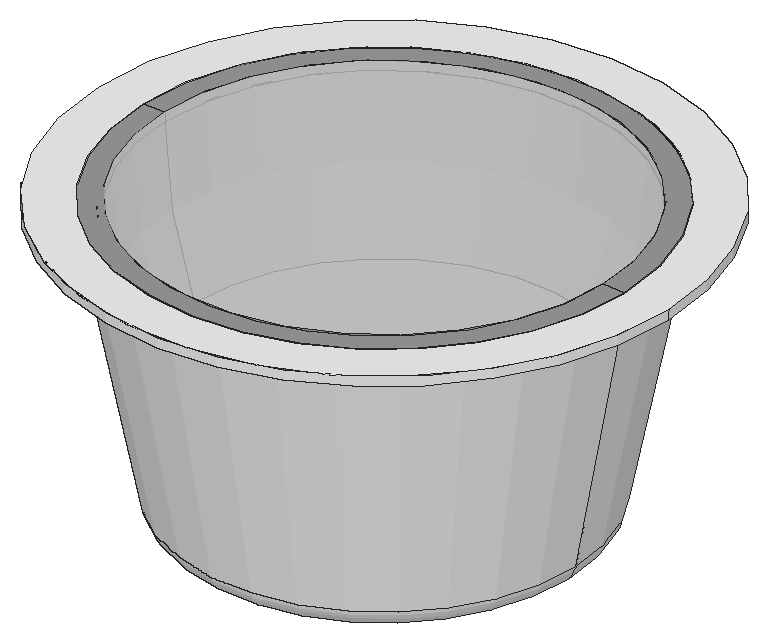
Revit family "2060545 Sylvania Lighting Fixture ASCENT 100 II ARCH 1000 4K STD 160", category Lighting Fixtures, host Face, Revit 2016
Family settings
  Host = Face
  Part Type = Normal
  Round Connector Dimension = Use Diameter
  OmniClass Number = 23.80.70.11.17
  OmniClass Title = Specialized Lighting by Location or Use
  Cut with Voids When Loaded = No
  Light Source = Yes
  Shared = No
  Room Calculation Point = No
Parameters (values of type "2060545 ASCT100 II ARCH 1000 4K STD 160")
  WidthBezelAcc_SYL = 25.0 mm
  Weight = "1.2 kg"
  Wattage = 7 W
  WarrantyStartDate [instance] = "n/a"
  WarrantyGuarantorParts = "n/a"
  WarrantyDurationUnit = "n/a"
  WarrantyDurationParts = "n/a"
  WarrantyDescription = "n/a"
  built-in parameter 1150110 = 1 (stored number, unit not read)
  Voltage = 0 V
  VisibilityAccessory_SYL = no
  TypeName = "ASCENT 100 II ARCH 1000 4K STD 160"
  built-in parameter 1114217 = 1 (stored number, unit not read)
  Tilt Angle = -90°
  built-in parameter 1150109 = 1 (stored number, unit not read)
  built-in parameter 1150134 = 12
  built-in parameter 1150113 = 1 (stored number, unit not read)
  SerialNumber [instance] = "n/a"
  ReflectorRadius_SYL = Radius_SYL - 14.5 mm  # 80.0 mm
  RadiusAcc_SYL = 105.0 mm
  Radius_SYL = 94.5 mm
  URL = "http://www.sylvania-lighting.com"
  PowerFactor = 0
  PowerConsumption = "7 W"
  Photometric Web File = "2060545.ies"
  NominalWidth = 0.0 mm
  NominalLength = 0.0 mm
  NominalHeight = 94.0 mm
  Name = "ASCENT 100 II ARCH 1000 4K STD 160"
  ModelReference = "ASCENT 100 II ARCH 1000 4K STD 160"
  ModelNumber = "2060545"
  Material_4_SYL = none
  Material_3_SYL = Polycarbonate_Sylvania_Ascent_Opal
  Material_2_SYL = Aluminium_Sylvania_Ascent_Silver
  Material_1_SYL = Aluminum_Sylvania_Ascent_White
  Material = "aluminium housing, arcylic diffuser"
  ManufacturerName = "Feilo Sylvania"
  LuminousEfficacy = "144 lm/W"
  built-in parameter 1150105 = 80.214 (stored number, unit not read)
  Lumens = 1008 lm
  LuminaireType = ""
  built-in parameter 1150115 = 1 (stored number, unit not read)
  LightOutputRatio = "100"
  built-in parameter 1150137 = (empty or 0)
  built-in parameter 1150139 = (empty or 0)
  LampsType = Lamp  # "LED"
  LampNominalLuminous = "1009 lm"
  LampMacAdamStep = "3"
  LampColourTemperature = "4000 K"
  LampColourRenderingIndex = "80"
  built-in parameter 1150112 = 1 (stored number, unit not read)
  built-in parameter 1150114 = 1 (stored number, unit not read)
  Keynote = "16500"
  InstallationDate [instance] = "n/a"
  InputVoltage = "n/a"
  InputNominalFrequency = "n/a"
  built-in parameter 1150132 = (empty or 0)
  built-in parameter 1150102 = (empty or 0)
  built-in parameter 1150107 = 4000 (stored number, unit not read)
  built-in parameter 1150138 = (empty or 0)
  IngressProtection = "IP40"
  ImpactProtectionIndex = "IK02"
  built-in parameter 1150106 = 0.80214 (stored number, unit not read)
  IfcExportType = "IfcLightFixtureType"
  IfcExportAs = "IfcLightFixtureType"
  Height_SYL = 94.0 mm
  HeightAcc_SYL = 7.0 mm
  ExpectedLife = 50000
  EmittionSurface_SYL = if(VisibilityAccessory_SYL, 7.0 mm, 3.0 mm)  # 3.0 mm
  Emit from Circle Diameter = DiffuserRadius_SYL * 2  # 146.0 mm
  Emit Shape Visible in Rendering = no
  ElectricShockClassification = "Class II"
  built-in parameter 1150104 = 13.378 (stored number, unit not read)
  DurationUnit = "hours"
  DocumentationLiterature = "http://www.sylvania-lighting.com/product/en-int/products/2060545"
  DimmingControlOptions = "n/a"
  Dimming Lamp Color Temperature Shift = <None>
  DiffuserRadius_SYL = ReflectorRadius_SYL - 7.0 mm  # 73.0 mm
  Diameter_SYL = 2 * Radius_SYL  # 189.0 mm
  CutoutDiameter_SYL = Diameter_SYL - 13.0 mm  # 176.0 mm
  CreatedOn = "9/17/2018"
  CreatedBy = "@sylvania-lighting.com"
  Color Filter = 16777215
  built-in parameter 1114216 [instance] = 1 (stored number, unit not read)
  Model = "ASCENT 100 II ARCH 1000 4K STD 160"
  Manufacturer = "Feilo Sylvania"
  Lamp = "LED"
  Description = "Direct LED retro fit for original LED 100 Arch (160) single CFL lamp offering Matching lumen levels and improved light distribution of original LED 100 CFL lamp equivalents Typically half the power consumption compared to CFL Up to 112lm/W 160mm aperture Architectural reflector accepts range of glass accessories from existing LED 100 Arch 160 offering HE, HO and VHO versions equivalent of single 1 x 18W, 1 x 32W, 1 x 42W\r\n Additional VVHO versions which offer the performance circa 2 x 32W equivalent"  # constant formula
  Default Elevation = 0.0 mm
  built-in parameter 1140040 [instance] = 1
  BarCode [instance] = "n/a"
  built-in parameter 1114218 = 1 (stored number, unit not read)
  built-in parameter 1150133 = 10 (stored number, unit not read)
  AssetType = "Fixed"
  AssetIdentifier [instance] = "n/a"
  Assembly Code = "D5020200"
  Apparent Load = 7 VA
  Aperture_SYL = 2 * ReflectorRadius_SYL  # 160.0 mm
Reference planes
  plane 1 "Center (Front/Back)": y = 0
  plane 2: z = 0
  plane 3 "Center (Left/Right)": x = 0
  plane 4 "Fixture Bottom": z = 3
  plane 5: z = -52.5
  plane 6 "Fixture Top": z = -91
  plane 7: x = -105
  plane 8: z = 7
  plane 9: x = -80
  plane 10: z = 5
  plane 11: x = -103
Forms (mm)
  Extrusion 1, solid, material "Aluminum_Sylvania_Ascent_White", detail levels fine
    sketch origin (0, 0, 0) x (1, 0, 0) y (0, 1, 0)
      loop
        circle (0, 0) r 94.5
      loop
        circle (0, 0) r 80
    from 0 to 3
  Extrusion 2, void
    sketch origin (0, 0, 0) x (1, 0, 0) y (0, 1, 0)
      loop
        circle (0, 0) r 88
    from -91 to 3
  Revolve 3, solid, material "Aluminum_Sylvania_Ascent_White" <- "Material_1_SYL", detail levels fine
    sketch origin (0, 0, 0) x (1, 0, 0) y (0, 0, 1)
      loop
        line (0, -91.073) -> (0, -89.023) -> (-55.468, -89.014)
        arc (-55.468, -89.014) -> (-59.352, -87.613) -> (-61.54, -84.139) r 6.307
        line (-61.54, -84.139) -> (-77.991, -2.844) -> (-77.991, 0) -> (-80, 0) -> (-80, -3) -> (-63.5, -84.536)
        arc (-63.5, -84.536) -> (-60.643, -89.203) -> (-55.5, -91.073) r 8.291
        line (-55.5, -91.073) -> (0, -91.073)
      axis (0, 0) -> (0, -91.073)
    angle from 0 to 360
  Revolve 4, solid, material "Aluminium_Sylvania_Ascent_Silver" <- "Material_2_SYL", detail levels fine
    sketch origin (0, 0, 0) x (1, 0, 0) y (0, 0, 1)
      loop
        line (-80, 3) -> (-80, 0) -> (-75, 0)
        arc (-75, 0) -> (-72.349, -26.77) -> (-64.5, -52.5) r 136.5
        line (-64.5, -52.5) -> (-58, -52.5)
        arc (-58, -52.5) -> (-56.857, -61.521) -> (-53.5, -69.971) r 36.166
        line (-53.5, -69.971) -> (0, -69.971) -> (0, -50.5) -> (-63.16, -50.5)
        arc (-63.16, -50.5) -> (-70.517, -25.725) -> (-73, 0) r 134.5
        line (-73, 0) -> (-73, 3) -> (-80, 3)
      axis (0, 3) -> (0, -69.971)
    angle from 0 to 360
  Extrusion 5, solid, material "Polycarbonate_Sylvania_Ascent_Opal" <- "Material_3_SYL", detail levels fine
    sketch origin (0, 0, 0) x (1, 0, 0) y (0, 1, 0)
      loop
        circle (0, 0) r 73
    from 0 to 3
  Revolve 6, solid, material "Aluminum_Sylvania_Ascent_White" <- "Material_1_SYL", detail levels coarse+medium
    sketch origin (0, 0, 0) x (1, 0, 0) y (0, 0, 1)
      loop
        line (0, -91.073) -> (0, 3) -> (-94.5, 3) -> (-94.5, 0) -> (-79.5, 0) -> (-79.5, -3) -> (-63, -84.536)
        arc (-63, -84.536) -> (-60.143, -89.203) -> (-55, -91.073) r 8.291
        line (-55, -91.073) -> (0, -91.073)
      axis (0, 3) -> (0, -91.073)
    angle from 0 to 360
  Revolve 7, solid, material "Aluminum_Sylvania_Ascent_White" <- "Material_1_SYL", visible <- "VisibilityAccessory_SYL"
    sketch origin (0, 0, 0) x (1, 0, 0) y (0, 0, 1)
      loop
        line (-105, 0) -> (-103, 0) -> (-103, 5) -> (-80, 5) -> (-80, 7) -> (-105, 7) -> (-105, 0)
      axis (0, 7) -> (0, 0)
    angle from 0 to 360
  Revolve 8, solid, material "Polycarbonate_Sylvania_Ascent_Opal" <- "Material_3_SYL", visible <- "VisibilityAccessory_SYL"
    sketch origin (0, 0, 0) x (1, 0, 0) y (0, 0, 1)
      loop
        line (-80, 7) -> (-80, 5) -> (0, 5) -> (0, 7) -> (-80, 7)
      axis (0, 7) -> (0, 5)
    angle from 0 to 360
Lines and regions (mm)
  reference lines
    curve 1: line (-150, 0, 3) -> (125, 0, 3)
Dimensions and locks
  locked: plane 4 "Fixture Bottom" to plane 2 at 3
  "Height_SYL": plane 4 "Fixture Bottom" to plane 6 "Fixture Top"
  "ReflectorRadius_SYL": plane 3 "Center (Left/Right)" to Revolve 4 sketch curve
  locked: Revolve 4 sketch curve to Revolve 4 sketch curve at 15.5
  locked: Revolve 4 sketch curve to Revolve 4 sketch curve at 5
  locked: Revolve 4 sketch curve to Revolve 4 sketch curve at 7
  locked: Revolve 4 sketch curve to Revolve 4 sketch curve at 22
  locked: Revolve 4 sketch curve to Revolve 4 sketch curve at 26.5
  locked: Revolve 3 sketch curve to Revolve 3 sketch curve at 16.5
  locked: Revolve 3 sketch curve to Revolve 3 sketch curve at 24.5
  "ReflectorRadius_SYL": Revolve 3 sketch curve to plane 3 "Center (Left/Right)"
  locked: Revolve 3 sketch curve to plane 6 "Fixture Top" at 6.464
  locked: plane 2 to Revolve 3 sketch curve at 3
  locked: Revolve 3 sketch curve to Revolve 3 sketch curve at 2
  locked: Revolve 3 sketch curve to Revolve 3 sketch curve at 2.009
  locked: plane 2 to plane 5 at 52.5
  locked: Revolve 6 sketch curve to Revolve 6 sketch curve at 31.5
  locked: Revolve 6 sketch curve to Revolve 6 sketch curve at 39.5
  locked: Revolve 6 sketch curve to Revolve 6 sketch curve at 15
  "Radius_SYL": plane 3 "Center (Left/Right)" to Revolve 6 sketch curve
  "RadiusAcc_SYL": plane 3 "Center (Left/Right)" to plane 7
  "HeightAcc_SYL": plane 8 to level
  "WidthBezelAcc_SYL": plane 7 to plane 9
  locked: plane 7 to plane 11 at 2
  locked: plane 8 to plane 10 at 2
  "EmittionSurface_SYL": curve 1 to level
  "CutoutDiameter_SYL": diameter of Extrusion 2 sketch curve
  "ReflectorRadius_SYL": radius of Extrusion 1 sketch curve
  "DiffuserRadius_SYL": radius of Extrusion 5 sketch curve
  "Radius_SYL": radius of Extrusion 1 sketch curve
  aligned and locked: host face to plane 2
  aligned and locked: host face to level
  aligned and locked: plane 4 "Fixture Bottom" to Extrusion 1
  aligned and locked: Extrusion 1 to plane 2
  aligned and locked: Revolve 3 sketch curve to plane 3 "Center (Left/Right)"
  aligned and locked: Revolve 4 sketch curve to plane 3 "Center (Left/Right)"  (x2)
  aligned and locked: plane 4 "Fixture Bottom" to Revolve 4 sketch curve
  aligned and locked: Extrusion 5 to plane 2
  aligned and locked: plane 2 to Revolve 3 sketch curve  (x2)
  aligned and locked: Revolve 6 sketch curve to plane 3 "Center (Left/Right)"
  aligned and locked: plane 6 "Fixture Top" to Extrusion 2
  aligned and locked: Revolve 7 sketch curve to plane 3 "Center (Left/Right)"
  aligned and locked: host face to Revolve 7 sketch curve  (x2)
  aligned and locked: Revolve 7 sketch curve to plane 7
  aligned and locked: plane 8 to Revolve 7 sketch curve
  aligned and locked: plane 9 to Revolve 7 sketch curve
  aligned and locked: Revolve 7 sketch curve to plane 10
  aligned and locked: plane 11 to Revolve 7 sketch curve
  aligned and locked: Revolve 7 to Revolve 8 sketch curve
  aligned and locked: Revolve 8 sketch curve to Revolve 7  (x2)
  aligned and locked: Revolve 8 sketch curve to plane 3 "Center (Left/Right)"  (x2)
  aligned and locked: plane 3 "Center (Left/Right)" to imposter light
  aligned and locked: imposter light to plane 1 "Center (Front/Back)"
  aligned and locked: imposter light to curve 1
Automatic sketch dimensions
  plane 1 "Center (Front/Back)" to Extrusion 2 sketch curve = 0.0 mm
  Extrusion 2 sketch curve to plane 3 "Center (Left/Right)" = 0.0 mm
  Extrusion 1 sketch curve to Extrusion 1 sketch curve = 0.0 mm  (x2)
  plane 1 "Center (Front/Back)" to Extrusion 1 sketch curve = 0.0 mm
  Extrusion 1 sketch curve to plane 3 "Center (Left/Right)" = 0.0 mm
  plane 6 "Fixture Top" to Revolve 3 sketch curve = 0.073 mm
  Revolve 3 sketch curve to plane 6 "Fixture Top" = 6.861 mm
  Revolve 3 sketch curve to Revolve 3 sketch curve = 0.003 mm
  Revolve 3 sketch curve to Revolve 3 sketch curve = 0.009 mm  (x2)
  Revolve 3 sketch curve to Revolve 3 sketch curve = 0.023 mm
  Revolve 3 sketch curve to Revolve 3 sketch curve = 0.072 mm
  Revolve 3 sketch curve to Revolve 3 sketch curve = 0.008 mm
  Revolve 3 sketch curve to plane 6 "Fixture Top" = 1.977 mm
  Revolve 3 sketch curve to Revolve 3 sketch curve = 33.496 mm
  Revolve 3 sketch curve to Revolve 3 sketch curve = 0.028 mm
  plane 4 "Fixture Bottom" to Revolve 3 sketch curve = 82.431 mm
  Revolve 4 sketch curve to Revolve 4 sketch curve = 0.0 mm  (x2)
  Revolve 4 sketch curve to plane 5 = 0.0 mm
  Revolve 4 sketch curve to level = 0.0 mm
  plane 5 to Revolve 4 sketch curve = 2.0 mm
  plane 4 "Fixture Bottom" to Revolve 4 sketch curve = 9.642 mm
  plane 1 "Center (Front/Back)" to Extrusion 5 sketch curve = 0.0 mm
  Extrusion 5 sketch curve to plane 3 "Center (Left/Right)" = 0.0 mm
  Revolve 4 sketch curve to level = 69.971 mm
  Revolve 4 sketch curve to Revolve 4 sketch curve = 2.387 mm
  Revolve 6 sketch curve to level = 0.0 mm
  Revolve 6 sketch curve to plane 3 "Center (Left/Right)" = 0.0 mm
  Revolve 6 sketch curve to Revolve 6 sketch curve = 8.104 mm
  Revolve 6 sketch curve to level = 3.0 mm
  Revolve 6 sketch curve to plane 6 "Fixture Top" = 6.464 mm
  plane 6 "Fixture Top" to Revolve 6 sketch curve = 0.073 mm
  Revolve 6 sketch curve to Revolve 6 sketch curve = 33.496 mm
  plane 4 "Fixture Bottom" to Revolve 6 sketch curve = 82.431 mm
  host sketch curve to host sketch curve = 1704.996 mm
  host sketch curve to host sketch curve = 1500.0 mm
  plane 6 "Fixture Top" to Revolve 7 sketch curve = 281.274 mm
  Revolve 7 sketch curve to plane 8 = 1140.706 mm
  plane 6 "Fixture Top" to Revolve 8 sketch curve = 281.274 mm
  Revolve 8 sketch curve to Revolve 8 sketch curve = 1140.706 mm
  Revolve 3 sketch curve to plane 3 "Center (Left/Right)" = 0.0 mm
  Revolve 6 sketch curve to plane 4 "Fixture Bottom" = 0.0 mm
  plane 7 to curve 1 = 45.0 mm
  plane 3 "Center (Left/Right)" to curve 1 = 125.0 mm
Connectors
  electrical at (0, 0, -91.073), driven by "Apparent Load"
    settings: on Revolve 3, index 1, voltage 240 V, apparent load 0 VA, apparent load phase1 7 VA, apparent load phase2 0 VA, apparent load phase3 0 VA, power factor 1, load classification "Lighting", number of poles 1, system type 31, power factor state 1, is connector primary yes, connector utility no, sub classification motor no, connector description ""
